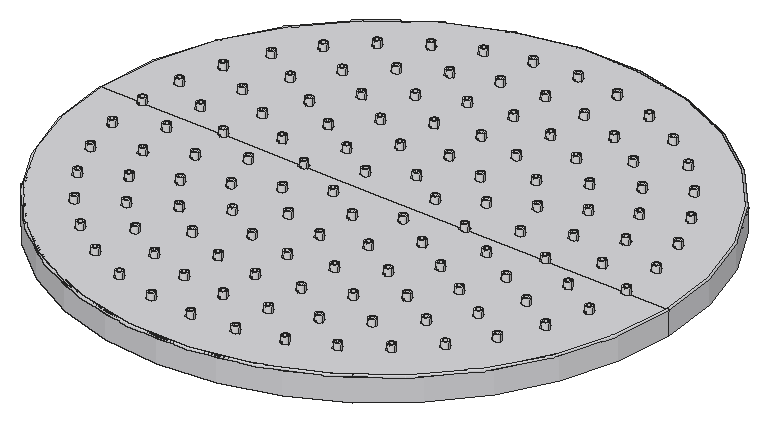
Revit family "Shower-Showerhead-KOHLER-Rainforest-K-18359IN", category Plumbing Fixtures, host Face, Revit 2017 (continued)
Definition of nested family "K-18359IN"
  Lines and regions (in)
    symbolic lines, detail levels medium+fine
      curve 702: arc (-0.66276, -3.46971, 0) -> (-0.73914, -3.39333, 0) -> (-0.81552, -3.46971, 0) r 0.07638
      curve 703: arc (-0.77038, -2.74131, 0) -> (-0.73101, -2.70194, 0) -> (-0.69164, -2.74131, 0) r 0.03937
      curve 704: arc (-0.66998, -2.74131, 0) -> (-0.73101, -2.68028, 0) -> (-0.79203, -2.74131, 0) r 0.06102
      curve 705: arc (-0.65463, -2.74131, 0) -> (-0.73101, -2.66493, 0) -> (-0.80738, -2.74131, 0) r 0.07638
      curve 706: arc (-0.69164, -2.74131, 0) -> (-0.73101, -2.78068, 0) -> (-0.77038, -2.74131, 0) r 0.03937
      curve 707: arc (-0.79203, -2.74131, 0) -> (-0.73101, -2.80233, 0) -> (-0.66998, -2.74131, 0) r 0.06102
      curve 708: arc (-0.80738, -2.74131, 0) -> (-0.73101, -2.81768, 0) -> (-0.65463, -2.74131, 0) r 0.07638
      curve 709: arc (-0.74405, -1.22729, 0) -> (-0.70468, -1.18792, 0) -> (-0.66531, -1.22729, 0) r 0.03937
      curve 710: arc (0.80227, -1.99697, 0) -> (0.72589, -2.07335, 0) -> (0.64951, -1.99697, 0) r 0.07638
      curve 711: arc (3.48644, -0.373, 0) -> (3.52581, -0.41237, 0) -> (3.56518, -0.373, 0) r 0.03937
      curve 712: arc (3.56518, -0.373, 0) -> (3.52581, -0.33363, 0) -> (3.48644, -0.373, 0) r 0.03937
      curve 713: arc (3.58684, -0.373, 0) -> (3.52581, -0.43402, 0) -> (3.46479, -0.373, 0) r 0.06102
      curve 714: arc (3.60219, -0.373, 0) -> (3.52581, -0.44938, 0) -> (3.44943, -0.373, 0) r 0.07638
      curve 715: arc (3.46479, -0.373, 0) -> (3.52581, -0.31198, 0) -> (3.58684, -0.373, 0) r 0.06102
      curve 716: arc (3.44943, -0.373, 0) -> (3.52581, -0.29662, 0) -> (3.60219, -0.373, 0) r 0.07638
      curve 717: arc (4.15086, -0.74002, 0) -> (4.19023, -0.77939, 0) -> (4.2296, -0.74002, 0) r 0.03937
      curve 718: arc (4.25125, -0.74002, 0) -> (4.19023, -0.80104, 0) -> (4.12921, -0.74002, 0) r 0.06102
      curve 719: arc (4.26661, -0.74002, 0) -> (4.19023, -0.8164, 0) -> (4.11385, -0.74002, 0) r 0.07638
      curve 720: arc (4.2296, -0.74002, 0) -> (4.19023, -0.70065, 0) -> (4.15086, -0.74002, 0) r 0.03937
      curve 721: arc (4.12921, -0.74002, 0) -> (4.19023, -0.67899, 0) -> (4.25125, -0.74002, 0) r 0.06102
      curve 722: arc (4.11385, -0.74002, 0) -> (4.19023, -0.66364, 0) -> (4.26661, -0.74002, 0) r 0.07638
      curve 723: arc (3.95918, -1.45536, 0) -> (3.99855, -1.49473, 0) -> (4.03792, -1.45536, 0) r 0.03937
      curve 724: arc (4.07493, -1.45536, 0) -> (3.99855, -1.53174, 0) -> (3.92218, -1.45536, 0) r 0.07638
      curve 725: arc (4.07493, -1.45536, 0) -> (3.99855, -1.53174, 0) -> (3.92218, -1.45536, 0) r 0.07638
      curve 726: arc (4.05958, -1.45536, 0) -> (3.99855, -1.51639, 0) -> (3.93753, -1.45536, 0) r 0.06102
      curve 727: arc (4.03792, -1.45536, 0) -> (3.99855, -1.41599, 0) -> (3.95918, -1.45536, 0) r 0.03937
      curve 728: arc (3.93753, -1.45536, 0) -> (3.99855, -1.39434, 0) -> (4.05958, -1.45536, 0) r 0.06102
      curve 729: arc (3.92218, -1.45536, 0) -> (3.99855, -1.37898, 0) -> (4.07493, -1.45536, 0) r 0.07638
      curve 730: arc (3.40889, -1.09219, 0) -> (3.36952, -1.05282, 0) -> (3.33015, -1.09219, 0) r 0.03937
      curve 731: arc (3.33015, -1.09219, 0) -> (3.36952, -1.13156, 0) -> (3.40889, -1.09219, 0) r 0.03937
      curve 732: arc (3.43054, -1.09219, 0) -> (3.36952, -1.15321, 0) -> (3.3085, -1.09219, 0) r 0.06102
      curve 733: arc (3.4459, -1.09219, 0) -> (3.36952, -1.16857, 0) -> (3.29314, -1.09219, 0) r 0.07638
      curve 734: arc (3.3085, -1.09219, 0) -> (3.36952, -1.03117, 0) -> (3.43054, -1.09219, 0) r 0.06102
      curve 735: arc (3.29314, -1.09219, 0) -> (3.36952, -1.01581, 0) -> (3.4459, -1.09219, 0) r 0.07638
      curve 736: arc (2.81126, -0.7404, 0) -> (2.73488, -0.81678, 0) -> (2.6585, -0.7404, 0) r 0.07638
      curve 737: arc (2.7959, -0.7404, 0) -> (2.73488, -0.80143, 0) -> (2.67386, -0.7404, 0) r 0.06102
      curve 738: arc (2.69551, -0.7404, 0) -> (2.73488, -0.77977, 0) -> (2.77425, -0.7404, 0) r 0.03937
      curve 739: arc (2.77425, -0.7404, 0) -> (2.73488, -0.70103, 0) -> (2.69551, -0.7404, 0) r 0.03937
      curve 740: arc (2.67386, -0.7404, 0) -> (2.73488, -0.67938, 0) -> (2.7959, -0.7404, 0) r 0.06102
      curve 741: arc (2.6585, -0.7404, 0) -> (2.73488, -0.66402, 0) -> (2.81126, -0.7404, 0) r 0.07638
      curve 742: arc (2.05406, -0.37006, 0) -> (2.09343, -0.40943, 0) -> (2.1328, -0.37006, 0) r 0.03937
      curve 743: arc (2.1328, -0.37006, 0) -> (2.09343, -0.33069, 0) -> (2.05406, -0.37006, 0) r 0.03937
      curve 744: arc (2.15446, -0.37006, 0) -> (2.09343, -0.43109, 0) -> (2.03241, -0.37006, 0) r 0.06102
      curve 745: arc (2.16981, -0.37006, 0) -> (2.09343, -0.44644, 0) -> (2.01706, -0.37006, 0) r 0.07638
      curve 746: arc (2.03241, -0.37006, 0) -> (2.09343, -0.30904, 0) -> (2.15446, -0.37006, 0) r 0.06102
      curve 747: arc (2.01706, -0.37006, 0) -> (2.09343, -0.29369, 0) -> (2.16981, -0.37006, 0) r 0.07638
      curve 748: arc (0.57352, -0.35397, 0) -> (0.61289, -0.39334, 0) -> (0.65226, -0.35397, 0) r 0.03937
      curve 749: arc (0.65226, -0.35397, 0) -> (0.61289, -0.3146, 0) -> (0.57352, -0.35397, 0) r 0.03937
      curve 750: arc (0.67391, -0.35397, 0) -> (0.61289, -0.41499, 0) -> (0.55186, -0.35397, 0) r 0.06102
      curve 751: arc (0.55186, -0.35397, 0) -> (0.61289, -0.29294, 0) -> (0.67391, -0.35397, 0) r 0.06102
      curve 752: arc (0.68926, -0.35397, 0) -> (0.61289, -0.43034, 0) -> (0.53651, -0.35397, 0) r 0.07638
      curve 753: arc (0.53651, -0.35397, 0) -> (0.61289, -0.27759, 0) -> (0.68926, -0.35397, 0) r 0.07638
      curve 754: arc (1.18794, -0.7087, 0) -> (1.22731, -0.74807, 0) -> (1.26668, -0.7087, 0) r 0.03937
      curve 755: arc (1.26668, -0.7087, 0) -> (1.22731, -0.66933, 0) -> (1.18794, -0.7087, 0) r 0.03937
      curve 756: arc (1.28833, -0.7087, 0) -> (1.22731, -0.76973, 0) -> (1.16629, -0.7087, 0) r 0.06102
      curve 757: arc (1.16629, -0.7087, 0) -> (1.22731, -0.64768, 0) -> (1.28833, -0.7087, 0) r 0.06102
      curve 758: arc (1.30369, -0.7087, 0) -> (1.22731, -0.78508, 0) -> (1.15093, -0.7087, 0) r 0.07638
      curve 759: arc (1.15093, -0.7087, 0) -> (1.22731, -0.63233, 0) -> (1.30369, -0.7087, 0) r 0.07638
      curve 760: arc (1.80273, -1.06365, 0) -> (1.8421, -1.10302, 0) -> (1.88147, -1.06365, 0) r 0.03937
      curve 761: arc (1.88147, -1.06365, 0) -> (1.8421, -1.02428, 0) -> (1.80273, -1.06365, 0) r 0.03937
      curve 762: arc (1.90312, -1.06365, 0) -> (1.8421, -1.12468, 0) -> (1.78108, -1.06365, 0) r 0.06102
      curve 763: arc (1.78108, -1.06365, 0) -> (1.8421, -1.00263, 0) -> (1.90312, -1.06365, 0) r 0.06102
      curve 764: arc (1.76572, -1.06365, 0) -> (1.8421, -0.98728, 0) -> (1.91848, -1.06365, 0) r 0.07638
      curve 765: arc (1.91848, -1.06365, 0) -> (1.8421, -1.14003, 0) -> (1.76572, -1.06365, 0) r 0.07638
      curve 766: arc (2.41577, -1.4176, 0) -> (2.45514, -1.45697, 0) -> (2.49451, -1.4176, 0) r 0.03937
      curve 767: arc (2.51617, -1.4176, 0) -> (2.45514, -1.47862, 0) -> (2.39412, -1.4176, 0) r 0.06102
      curve 768: arc (2.53152, -1.4176, 0) -> (2.45514, -1.49397, 0) -> (2.37877, -1.4176, 0) r 0.07638
      curve 769: arc (2.49451, -1.4176, 0) -> (2.45514, -1.37823, 0) -> (2.41577, -1.4176, 0) r 0.03937
      curve 770: arc (2.39412, -1.4176, 0) -> (2.45514, -1.35657, 0) -> (2.51617, -1.4176, 0) r 0.06102
      curve 771: arc (2.37877, -1.4176, 0) -> (2.45514, -1.34122, 0) -> (2.53152, -1.4176, 0) r 0.07638
      curve 772: arc (3.13042, -1.77223, 0) -> (3.06939, -1.83325, 0) -> (3.00837, -1.77223, 0) r 0.06102
      curve 773: arc (3.14577, -1.77223, 0) -> (3.06939, -1.84861, 0) -> (2.99301, -1.77223, 0) r 0.07638
      curve 774: arc (3.03002, -1.77223, 0) -> (3.06939, -1.8116, 0) -> (3.10876, -1.77223, 0) r 0.03937
      curve 775: arc (3.10876, -1.77223, 0) -> (3.06939, -1.73286, 0) -> (3.03002, -1.77223, 0) r 0.03937
      curve 776: arc (3.00837, -1.77223, 0) -> (3.06939, -1.71121, 0) -> (3.13042, -1.77223, 0) r 0.06102
      curve 777: arc (2.99301, -1.77223, 0) -> (3.06939, -1.69585, 0) -> (3.14577, -1.77223, 0) r 0.07638
      curve 778: arc (3.7265, -2.12888, 0) -> (3.68713, -2.08951, 0) -> (3.64776, -2.12888, 0) r 0.03937
      curve 779: arc (3.64776, -2.12888, 0) -> (3.68713, -2.16825, 0) -> (3.7265, -2.12888, 0) r 0.03937
      curve 780: arc (3.74816, -2.12888, 0) -> (3.68713, -2.18991, 0) -> (3.62611, -2.12888, 0) r 0.06102
      curve 781: arc (3.76351, -2.12888, 0) -> (3.68713, -2.20526, 0) -> (3.61076, -2.12888, 0) r 0.07638
      curve 782: arc (3.62611, -2.12888, 0) -> (3.68713, -2.06786, 0) -> (3.74816, -2.12888, 0) r 0.06102
      curve 783: arc (3.61076, -2.12888, 0) -> (3.68713, -2.05251, 0) -> (3.76351, -2.12888, 0) r 0.07638
      curve 784: arc (0.66531, -1.22729, 0) -> (0.70468, -1.26666, 0) -> (0.74405, -1.22729, 0) r 0.03937
      curve 785: arc (0.74405, -1.22729, 0) -> (0.70468, -1.18792, 0) -> (0.66531, -1.22729, 0) r 0.03937
      curve 786: arc (0.7657, -1.22729, 0) -> (0.70468, -1.28831, 0) -> (0.64365, -1.22729, 0) r 0.06102
      curve 787: arc (0.78105, -1.22729, 0) -> (0.70468, -1.30367, 0) -> (0.6283, -1.22729, 0) r 0.07638
      curve 788: arc (0.64365, -1.22729, 0) -> (0.70468, -1.16627, 0) -> (0.7657, -1.22729, 0) r 0.06102
      curve 789: arc (0.6283, -1.22729, 0) -> (0.70468, -1.15091, 0) -> (0.78105, -1.22729, 0) r 0.07638
      curve 790: arc (1.40723, -1.62577, 0) -> (1.36786, -1.5864, 0) -> (1.32849, -1.62577, 0) r 0.03937
      curve 791: arc (1.30683, -1.62577, 0) -> (1.36786, -1.56475, 0) -> (1.42888, -1.62577, 0) r 0.06102
      curve 792: arc (1.29148, -1.62577, 0) -> (1.36786, -1.54939, 0) -> (1.44424, -1.62577, 0) r 0.07638
      curve 793: arc (1.32849, -1.62577, 0) -> (1.36786, -1.66514, 0) -> (1.40723, -1.62577, 0) r 0.03937
      curve 794: arc (1.42888, -1.62577, 0) -> (1.36786, -1.68679, 0) -> (1.30683, -1.62577, 0) r 0.06102
      curve 795: arc (1.44424, -1.62577, 0) -> (1.36786, -1.70215, 0) -> (1.29148, -1.62577, 0) r 0.07638
      curve 796: arc (0.78691, -1.99697, 0) -> (0.72589, -2.05799, 0) -> (0.66486, -1.99697, 0) r 0.06102
      curve 797: arc (0.68652, -1.99697, 0) -> (0.72589, -2.03634, 0) -> (0.76526, -1.99697, 0) r 0.03937
      curve 798: arc (0.76526, -1.99697, 0) -> (0.72589, -1.9576, 0) -> (0.68652, -1.99697, 0) r 0.03937
      curve 799: arc (0.66486, -1.99697, 0) -> (0.72589, -1.93595, 0) -> (0.78691, -1.99697, 0) r 0.06102
      curve 800: arc (0.64951, -1.99697, 0) -> (0.72589, -1.92059, 0) -> (0.80227, -1.99697, 0) r 0.07638
      curve 801: arc (1.37586, -2.45129, 0) -> (1.41523, -2.49066, 0) -> (1.4546, -2.45129, 0) r 0.03937
      curve 802: arc (1.47625, -2.45129, 0) -> (1.41523, -2.51231, 0) -> (1.3542, -2.45129, 0) r 0.06102
      curve 803: arc (1.49161, -2.45129, 0) -> (1.41523, -2.52767, 0) -> (1.33885, -2.45129, 0) r 0.07638
      curve 804: arc (1.4546, -2.45129, 0) -> (1.41523, -2.41192, 0) -> (1.37586, -2.45129, 0) r 0.03937
      curve 805: arc (1.3542, -2.45129, 0) -> (1.41523, -2.39027, 0) -> (1.47625, -2.45129, 0) r 0.06102
      curve 806: arc (1.33885, -2.45129, 0) -> (1.41523, -2.37491, 0) -> (1.49161, -2.45129, 0) r 0.07638
      curve 807: arc (1.96429, -2.0078, 0) -> (2.00366, -2.04717, 0) -> (2.04303, -2.0078, 0) r 0.03937
      curve 808: arc (2.06469, -2.0078, 0) -> (2.00366, -2.06882, 0) -> (1.94264, -2.0078, 0) r 0.06102
      curve 809: arc (2.08004, -2.0078, 0) -> (2.00366, -2.08418, 0) -> (1.92729, -2.0078, 0) r 0.07638
      curve 810: arc (2.04303, -2.0078, 0) -> (2.00366, -1.96843, 0) -> (1.96429, -2.0078, 0) r 0.03937
      curve 811: arc (1.94264, -2.0078, 0) -> (2.00366, -1.94678, 0) -> (2.06469, -2.0078, 0) r 0.06102
      curve 812: arc (1.92729, -2.0078, 0) -> (2.00366, -1.93142, 0) -> (2.08004, -2.0078, 0) r 0.07638
      curve 813: arc (3.30082, -2.73398, 0) -> (3.26145, -2.69461, 0) -> (3.22208, -2.73398, 0) r 0.03937
      curve 814: arc (3.20043, -2.73398, 0) -> (3.26145, -2.67296, 0) -> (3.32247, -2.73398, 0) r 0.06102
      curve 815: arc (3.18507, -2.73398, 0) -> (3.26145, -2.65761, 0) -> (3.33783, -2.73398, 0) r 0.07638
      curve 816: arc (3.22208, -2.73398, 0) -> (3.26145, -2.77335, 0) -> (3.30082, -2.73398, 0) r 0.03937
      curve 817: arc (3.32247, -2.73398, 0) -> (3.26145, -2.79501, 0) -> (3.20043, -2.73398, 0) r 0.06102
      curve 818: arc (3.33783, -2.73398, 0) -> (3.26145, -2.81036, 0) -> (3.18507, -2.73398, 0) r 0.07638
      curve 819: arc (2.59362, -2.37114, 0) -> (2.63299, -2.41051, 0) -> (2.67236, -2.37114, 0) r 0.03937
      curve 820: arc (2.69401, -2.37114, 0) -> (2.63299, -2.43216, 0) -> (2.57197, -2.37114, 0) r 0.06102
      curve 821: arc (2.70937, -2.37114, 0) -> (2.63299, -2.44752, 0) -> (2.55661, -2.37114, 0) r 0.07638
      curve 822: arc (2.67236, -2.37114, 0) -> (2.63299, -2.33177, 0) -> (2.59362, -2.37114, 0) r 0.03937
      curve 823: arc (2.57197, -2.37114, 0) -> (2.63299, -2.31012, 0) -> (2.69401, -2.37114, 0) r 0.06102
      curve 824: arc (2.55661, -2.37114, 0) -> (2.63299, -2.29476, 0) -> (2.70937, -2.37114, 0) r 0.07638
      curve 825: arc (2.65869, -3.26036, 0) -> (2.73507, -3.18399, 0) -> (2.81145, -3.26036, 0) r 0.07638
      curve 826: arc (2.67405, -3.26036, 0) -> (2.73507, -3.19934, 0) -> (2.79609, -3.26036, 0) r 0.06102
      curve 827: arc (2.77444, -3.26036, 0) -> (2.73507, -3.22099, 0) -> (2.6957, -3.26036, 0) r 0.03937
      curve 828: arc (2.6957, -3.26036, 0) -> (2.73507, -3.29973, 0) -> (2.77444, -3.26036, 0) r 0.03937
      curve 829: arc (2.79609, -3.26036, 0) -> (2.73507, -3.32139, 0) -> (2.67405, -3.26036, 0) r 0.06102
      curve 830: arc (2.81145, -3.26036, 0) -> (2.73507, -3.33674, 0) -> (2.65869, -3.26036, 0) r 0.07638
      curve 831: arc (2.04361, -2.86855, 0) -> (2.08298, -2.90792, 0) -> (2.12235, -2.86855, 0) r 0.03937
      curve 832: arc (2.14401, -2.86855, 0) -> (2.08298, -2.92957, 0) -> (2.02196, -2.86855, 0) r 0.06102
      curve 833: arc (2.15936, -2.86855, 0) -> (2.08298, -2.94493, 0) -> (2.0066, -2.86855, 0) r 0.07638
      curve 834: arc (2.12235, -2.86855, 0) -> (2.08298, -2.82918, 0) -> (2.04361, -2.86855, 0) r 0.03937
      curve 835: arc (2.02196, -2.86855, 0) -> (2.08298, -2.80753, 0) -> (2.14401, -2.86855, 0) r 0.06102
      curve 836: arc (2.0066, -2.86855, 0) -> (2.08298, -2.79217, 0) -> (2.15936, -2.86855, 0) r 0.07638
      curve 837: arc (1.48315, -3.24039, 0) -> (1.44378, -3.20102, 0) -> (1.40441, -3.24039, 0) r 0.03937
      curve 838: arc (1.3674, -3.24039, 0) -> (1.44378, -3.16402, 0) -> (1.52016, -3.24039, 0) r 0.07638
      curve 839: arc (1.3674, -3.24039, 0) -> (1.44378, -3.16402, 0) -> (1.52016, -3.24039, 0) r 0.07638
      curve 840: arc (1.38276, -3.24039, 0) -> (1.44378, -3.17937, 0) -> (1.5048, -3.24039, 0) r 0.06102
      curve 841: arc (1.40441, -3.24039, 0) -> (1.44378, -3.27976, 0) -> (1.48315, -3.24039, 0) r 0.03937
      curve 842: arc (1.5048, -3.24039, 0) -> (1.44378, -3.30142, 0) -> (1.38276, -3.24039, 0) r 0.06102
      curve 843: arc (1.52016, -3.24039, 0) -> (1.44378, -3.31677, 0) -> (1.3674, -3.24039, 0) r 0.07638
      curve 844: arc (2.09002, -3.68452, 0) -> (2.12939, -3.72389, 0) -> (2.16876, -3.68452, 0) r 0.03937
      curve 845: arc (2.16876, -3.68452, 0) -> (2.12939, -3.64515, 0) -> (2.09002, -3.68452, 0) r 0.03937
      curve 846: arc (2.06836, -3.68452, 0) -> (2.12939, -3.6235, 0) -> (2.19041, -3.68452, 0) r 0.06102
      curve 847: arc (2.05301, -3.68452, 0) -> (2.12939, -3.60815, 0) -> (2.20576, -3.68452, 0) r 0.07638
      curve 848: arc (2.19041, -3.68452, 0) -> (2.12939, -3.74555, 0) -> (2.06836, -3.68452, 0) r 0.06102
      curve 849: arc (2.20576, -3.68452, 0) -> (2.12939, -3.7609, 0) -> (2.05301, -3.68452, 0) r 0.07638
      curve 850: arc (1.4936, -3.99936, 0) -> (1.45423, -3.95999, 0) -> (1.41486, -3.99936, 0) r 0.03937
      curve 851: arc (1.37785, -3.99936, 0) -> (1.45423, -3.92298, 0) -> (1.53061, -3.99936, 0) r 0.07638
      curve 852: arc (1.37785, -3.99936, 0) -> (1.45423, -3.92298, 0) -> (1.53061, -3.99936, 0) r 0.07638
      curve 853: arc (1.41486, -3.99936, 0) -> (1.45423, -4.03873, 0) -> (1.4936, -3.99936, 0) r 0.03937
      curve 854: arc (1.53061, -3.99936, 0) -> (1.45423, -4.07573, 0) -> (1.37785, -3.99936, 0) r 0.07638
      curve 855: arc (1.51525, -3.99936, 0) -> (1.45423, -4.06038, 0) -> (1.3932, -3.99936, 0) r 0.06102
      curve 856: arc (1.3932, -3.99936, 0) -> (1.45423, -3.93833, 0) -> (1.51525, -3.99936, 0) r 0.06102
      curve 857: arc (0.69977, -4.19096, 0) -> (0.73914, -4.23033, 0) -> (0.77851, -4.19096, 0) r 0.03937
      curve 858: arc (0.80016, -4.19096, 0) -> (0.73914, -4.25199, 0) -> (0.67812, -4.19096, 0) r 0.06102
      curve 859: arc (0.81552, -4.19096, 0) -> (0.73914, -4.26734, 0) -> (0.66276, -4.19096, 0) r 0.07638
      curve 860: arc (0.77851, -4.19096, 0) -> (0.73914, -4.15159, 0) -> (0.69977, -4.19096, 0) r 0.03937
      curve 861: arc (0.67812, -4.19096, 0) -> (0.73914, -4.12994, 0) -> (0.80016, -4.19096, 0) r 0.06102
      curve 862: arc (0.66276, -4.19096, 0) -> (0.73914, -4.11459, 0) -> (0.81552, -4.19096, 0) r 0.07638
      curve 863: arc (0.69977, -3.46971, 0) -> (0.73914, -3.50908, 0) -> (0.77851, -3.46971, 0) r 0.03937
      curve 864: arc (0.80016, -3.46971, 0) -> (0.73914, -3.53073, 0) -> (0.67812, -3.46971, 0) r 0.06102
      curve 865: arc (0.81552, -3.46971, 0) -> (0.73914, -3.54609, 0) -> (0.66276, -3.46971, 0) r 0.07638
      curve 866: arc (0.77851, -3.46971, 0) -> (0.73914, -3.43034, 0) -> (0.69977, -3.46971, 0) r 0.03937
      curve 867: arc (0.67812, -3.46971, 0) -> (0.73914, -3.40868, 0) -> (0.80016, -3.46971, 0) r 0.06102
      curve 868: arc (0.66276, -3.46971, 0) -> (0.73914, -3.39333, 0) -> (0.81552, -3.46971, 0) r 0.07638
      curve 869: arc (0.77038, -2.74131, 0) -> (0.73101, -2.70194, 0) -> (0.69164, -2.74131, 0) r 0.03937
      curve 870: arc (0.66998, -2.74131, 0) -> (0.73101, -2.68028, 0) -> (0.79203, -2.74131, 0) r 0.06102
      curve 871: arc (0.65463, -2.74131, 0) -> (0.73101, -2.66493, 0) -> (0.80738, -2.74131, 0) r 0.07638
      curve 872: arc (0.69164, -2.74131, 0) -> (0.73101, -2.78068, 0) -> (0.77038, -2.74131, 0) r 0.03937
      curve 873: arc (0.79203, -2.74131, 0) -> (0.73101, -2.80233, 0) -> (0.66998, -2.74131, 0) r 0.06102
      curve 874: arc (0.80738, -2.74131, 0) -> (0.73101, -2.81768, 0) -> (0.65463, -2.74131, 0) r 0.07638
      curve 875: arc (0.74405, -1.22729, 0) -> (0.70468, -1.18792, 0) -> (0.66531, -1.22729, 0) r 0.03937
      curve 876: arc (-4.29444, 0, 0) -> (-4.25507, 0.03937, 0) -> (-4.2157, 0, 0) r 0.03937
      curve 877: arc (-4.19405, 0, 0) -> (-4.25507, 0.06102, 0) -> (-4.31609, 0, 0) r 0.06102
      curve 878: arc (-4.17869, 0, 0) -> (-4.25507, 0.07638, 0) -> (-4.33145, 0, 0) r 0.07638
      curve 879: arc (-4.2157, 0, 0) -> (-4.25507, -0.03937, 0) -> (-4.29444, 0, 0) r 0.03937
      curve 880: arc (-4.31609, 0, 0) -> (-4.25507, -0.06102, 0) -> (-4.19405, 0, 0) r 0.06102
      curve 881: arc (-4.33145, 0, 0) -> (-4.25507, -0.07638, 0) -> (-4.17869, 0, 0) r 0.07638
      curve 882: arc (-2.87157, 0, 0) -> (-2.8322, 0.03937, 0) -> (-2.79283, 0, 0) r 0.03937
      curve 883: arc (-2.77118, 0, 0) -> (-2.8322, 0.06102, 0) -> (-2.89322, 0, 0) r 0.06102
      curve 884: arc (-2.75582, 0, 0) -> (-2.8322, 0.07638, 0) -> (-2.90858, 0, 0) r 0.07638
      curve 885: arc (-2.79283, 0, 0) -> (-2.8322, -0.03937, 0) -> (-2.87157, 0, 0) r 0.03937
      curve 886: arc (-2.89322, 0, 0) -> (-2.8322, -0.06102, 0) -> (-2.77118, 0, 0) r 0.06102
      curve 887: arc (-2.90858, 0, 0) -> (-2.8322, -0.07638, 0) -> (-2.75582, 0, 0) r 0.07638
      curve 888: arc (-1.45425, 0, 0) -> (-1.41488, 0.03937, 0) -> (-1.37551, 0, 0) r 0.03937
      curve 889: arc (-1.35386, 0, 0) -> (-1.41488, 0.06102, 0) -> (-1.47591, 0, 0) r 0.06102
      curve 890: arc (-1.3385, 0, 0) -> (-1.41488, 0.07638, 0) -> (-1.49126, 0, 0) r 0.07638
      curve 891: arc (-1.37551, 0, 0) -> (-1.41488, -0.03937, 0) -> (-1.45425, 0, 0) r 0.03937
      curve 892: arc (-1.47591, 0, 0) -> (-1.41488, -0.06102, 0) -> (-1.35386, 0, 0) r 0.06102
      curve 893: arc (-1.49126, 0, 0) -> (-1.41488, -0.07638, 0) -> (-1.3385, 0, 0) r 0.07638
      curve 894: line (0, 0.45472, 0.53858) -> (0, -0.45472, 0.53858)
  Dimensions and locks (in)
    locked: plane 7 to plane 6 at 10
    locked: plane 6 to plane 3 "Center (Left/Right)" at 5
    locked: plane 8 to level at 2.55906  (x2)
    locked: plane 1 "Center (Front/Back)" to plane 4 at 5
    locked: plane 5 to plane 4 at 10
    aligned and locked: plane 2 to level
    aligned and locked: curve 208 to Extrusion 4
    aligned and locked: curve 255 to Extrusion 4
    aligned and locked: curve 319 to Extrusion 4
    aligned and locked: curve 334 to Extrusion 4
